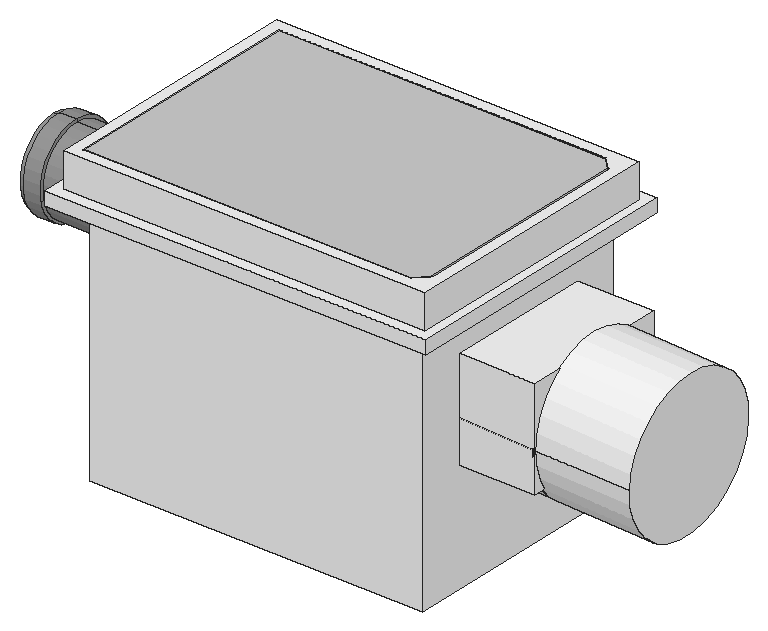
Revit family "HL_Трап для подвалов_HL77.1", category Instalační zařizovací předměty, Revit 2016
Family settings
  Typ součásti = Normální
  Kóta kulaté spojky = Použít průměr
  Číslo OmniClass = 23.70.50.21.24.14
  Nadpis OmniClass = Deck Waste Water Drains
  Založené na pracovní rovině = Ne
  Vždy vertikální = Ano
  Ořezat dutým tvarem při načtení = Ne
  Sdílené = Ano
  Bod výpočtu místnosti = Ano
Parameters (values of type "HL_Трап для подвалов_HL77.1")
  РЕШЁТКА = "250x180mm/ ABS"
  РАЗМЕР = "DN110"
  ПРОПУСКНАЯ СПОСОБНОСТЬ [instance] = 0.0 L/s
  ПРОИЗВОДИТЕЛЬНОСТЬ = "1,58 l/s"
  ПРИЁМНОЕ ОТВЕРСТИЕ = "DN50"
  ПРАВОВАЯ ИНФОРМАЦИЯ = "\"Авторские права(©), права на дизайн или какие либо другие права интелектуальной собственности являются исключительной собственностью компании HL Hutterer & Lechner. Изменению не подлежит. Файл семейства с данными о прозводителе изделия защищен паролем с водяным знаком.\""
  ПАДЕНИЕ ДАВЛЕНИЯ [instance] = 0.0 Pa
  НОМИНАЛЬНЫЙ ДИАМЕТР 2 [instance] = 50 mm
  НОМИНАЛЬНЫЙ ДИАМЕТР = 110 mm
  МАТЕРИАЛ = "ABS"
  МАКСИМАЛЬНАЯ НАГРУЗКА КЛАССА = "K3 - 300 kg"
  ВЫСОТА МОНТАЖА = "220 mm"
  ВЕС = "2,885 kg"
  Připojení ventilace = no
  Výrobce = "HL Hutterer & Lechner GmbH"
  URL = "http://www.hutterer-lechner.com/ru/products/catalog/roof-drains/HL77.1.aspx"
  Připojení odpadu = yes
  Připojení HW = no
  Popis = "Трап для подвалов"
  Model = "HL77.1"
  Komentáře k typům = "Трап для подвалов DN110 горизонтальный с дополнительным отводом DN50, с тройным обратным клапаном, 2 х 180х125мм синтетический материал"
  Keynote = "HL77.1"
  Высота монтажа [instance] = 0 mm
  Připojení CW = no
  FO [instance] = FI1 + ПРОПУСКНАЯ СПОСОБНОСТЬ  # 0.0 L/s
  FI1 [instance] = 0.0 L/s
  EAN = "9003076710775"
  D2 [instance] = 220 mm
  D1 [instance] = 250.3 mm
  D [instance] = Высота монтажа + 56.6 mm  # 56.6 mm
  C [instance] = Высота монтажа + 80 mm  # 80 mm
  B [instance] = Высота монтажа + 110 mm  # 110 mm
  A [instance] = if(B - 100 mm > 15 mm, B - 100 mm, 15 mm)  # 15 mm
Reference planes
  plane 1 "Center (Front/Back)": y = 0
  plane 2: z = 0
  plane 3 "Center (Left/Right)": x = 0
  plane 4 "Ball Joint Vertical": x = 25.45
  plane 5: z = 0
  plane 6: z = -110
Lines and regions (mm)
  model lines, style "InvisibleLines"
    curve 1: line (0, 0, 0) -> (0, 0, 560)
  reference lines
    curve 2: line (220.3, 0, -110) -> (250.3, 0, -110)
    curve 6: line (-39, 0, -80) -> (-220, 0, -80)
  model lines, detail levels coarse+medium
    curve 3: line (0, 0, -110) -> (0, 0, -95)
    curve 4: line (0, 0, -95) -> (95, 0, 0)
    curve 5: line (0, 0, -95) -> (-95, 0, 0)
    curve 7: line (0, 0, -110) -> (250.3, 0, -110)
  symbolic lines, style "PlumbingFixtures", detail levels coarse+medium
    curve 8: line (-75, 75, 0) -> (75, 75, 0)
    curve 9: line (-75, -75, 0) -> (-75, 75, 0)
    curve 10: line (75, -75, 0) -> (-75, -75, 0)
    curve 11: line (75, 75, 0) -> (75, -75, 0)
    curve 12: line (-75, 75, 0) -> (-145.711, 145.711, 0)
    curve 13: line (75, 75, 0) -> (145.711, 145.711, 0)
    curve 14: line (-75, -75, 0) -> (-145.711, -145.711, 0)
    curve 15: line (75, -75, 0) -> (145.711, -145.711, 0)
  symbolic lines, style "PlumbingFixtures", not visible, detail levels coarse+medium
    curve 16: line (-75, 75, 0) -> (75, 75, 0)
    curve 17: line (-75, -75, 0) -> (-75, 75, 0)
    curve 18: line (75, -75, 0) -> (-75, -75, 0)
    curve 19: line (75, 75, 0) -> (75, -75, 0)
    curve 20: line (-75, 75, 0) -> (-145.711, 145.711, 0)
    curve 21: line (75, 75, 0) -> (145.711, 145.711, 0)
    curve 22: line (-75, -75, 0) -> (-145.711, -145.711, 0)
    curve 23: line (75, -75, 0) -> (145.711, -145.711, 0)
Text (mm)
  text "FLOOR" at (-198.233, 0, -26.556), in view "вид строительства"
Dimensions and locks
  locked: plane 4 "Ball Joint Vertical" to plane 3 "Center (Left/Right)" at 25.45
  "Высота монтажа": plane 2 to plane 5
  "A": curve 5 to plane 6
  "B": curve 5 to plane 6
  "B": curve 4 to plane 6
  "B": plane 2 to plane 6
  "C": plane 2 to curve 6
  "B": plane 2 to curve 7
  "D2": plane 3 "Center (Left/Right)" to curve 6
  "D1": curve 2 to plane 3 "Center (Left/Right)"
  "D1": curve 7 to plane 3 "Center (Left/Right)"
  locked: curve 4 to plane 3 "Center (Left/Right)" (angle 45.00°)
  locked: plane 3 "Center (Left/Right)" to curve 5 (angle 45.00°)
  aligned and locked: level to plane 2
  aligned and locked: plane 2 to curve 1
  aligned and locked: plane 3 "Center (Left/Right)" to curve 1
  aligned and locked: plane 3 "Center (Left/Right)" to curve 5
  aligned and locked: plane 6 to curve 2
  aligned and locked: plane 5 to nested 1
  aligned and locked: plane 3 "Center (Left/Right)" to nested 1
  aligned and locked: plane 3 "Center (Left/Right)" to nested 2
  aligned and locked: plane 2 to nested 2
Automatic sketch dimensions
  level to curve 1 = 560 mm
  curve 6 to plane 3 "Center (Left/Right)" = 39 mm
  curve 2 to curve 2 = 30 mm
Nested families
  nested 1: "HL-Трап для подвалов-HL77.1" at (0, 0, 0), type "HL-Трап для подвалов-HL77.1"
  nested 2: "HL-Решетка из ПП-HL077.1E" at (0, 0, 0), type "HL-Решетка из ПП-HL077.1E"
Connectors
  piping at (250.3, 0, -110), diameter 110, driven by "НОМИНАЛЬНЫЙ ДИАМЕТР", driven by "FO"
    settings: on curve 2, index 1, connector inside diameter 609.6 mm, connector length 0 mm, flow factor 0, pipe flow 0.0 L/s, pressure drop 0.0 Pa, fitting loss kfactor 0, connector angle 0.00°, fixture units 0, engagement length 0 mm, angle of deflection 0.00°, flow configuration 1, flow direction 2, fitting loss method 0, system type 16, joint type 0, gender type 0, connector reference index 2, connector utility 0, adjustable connector yes, is connector primary no, connector description ""
  piping at (-220, 0, -80), diameter 50, driven by "НОМИНАЛЬНЫЙ ДИАМЕТР 2", driven by "ПАДЕНИЕ ДАВЛЕНИЯ", driven by "FI1"
    settings: on curve 6, index 2, connector inside diameter 609.6 mm, connector length 0 mm, flow factor 1, pipe flow 0.0 L/s, pressure drop 0.0 Pa, fitting loss kfactor 0, connector angle 0.00°, fixture units 0, engagement length 0 mm, angle of deflection 0.00°, flow configuration 2, flow direction 1, fitting loss method 0, system type 16, joint type 0, gender type 0, connector reference index 1, connector utility 0, adjustable connector yes, is connector primary yes, connector description ""
Definition of nested family "HL-Трап для подвалов-HL77.1"
  Parameters (values of type "HL-Трап для подвалов-HL77.1")
    Manufacturer = ""
    URL = ""
    Description = ""
    Model = ""
    Type Comments = ""
    Cost = 0
  Reference planes
    plane 1 "Střed (vpředu/vzadu)": y = 0
    plane 2: z = 0
    plane 3 "Střed (vlevo/vpravo)": x = 0
  Forms (mm)
    Extrusion 1, solid, detail levels fine
      sketch origin (-5, 0, 0) x (-1, 0, 0) y (0, -1, 0)
        loop
          line (-139, 99) -> (-139, -99) -> (129, -99) -> (129, 99) -> (-139, 99)
        loop
          line (121, -91) -> (121, 91) -> (-121, 91) -> (-131, 81) -> (-131, -81) -> (-121, -91) -> (121, -91)
      from 0 to -25
    Extrusion 2, solid, detail levels fine
      sketch origin (-5, 0, -25) x (0, -1, 0) y (-1, 0, 0)
        loop
          line (-107, -146) -> (107, -146) -> (107, 136) -> (-107, 136) -> (-107, -146)
      from 0 to 10
    Extrusion 3, solid, detail levels fine
      sketch origin (-5, 0, -35) x (1, 0, 0) y (0, -1, 0)
        loop
          line (-118.5, 88) -> (-118.5, -88) -> (128.5, -88) -> (128.5, 88) -> (-118.5, 88)
      from 0 to 185
    Revolve 4, solid, detail levels fine
      sketch origin (-5, 0, 0) x (-1, 0, 0) y (0, 0, 1)
        loop
          line (215, -80) -> (215, -48.5) -> (211, -48.5) -> (211, -46.533) -> (198.5, -46.533) -> (198.5, -48.5) -> (143.04, -48.5) -> (143.04, -42.593) -> (118.5, -42.593) -> (118.5, -80) -> (215, -80)
        axis (118.5, -80) -> (215, -80)
      angle from 0 to 360
    Extrusion 5, solid, detail levels fine
      sketch origin (123.335, -86, -35.077) x (0, -1, 0) y (0, 0, -1)
        loop
          line (-141, 102) -> (-141, 28) -> (-31, 28) -> (-31, 102) -> (-141, 102)
      from 0.165 to 57
    Sweep 6, solid, detail levels fine
      path origin (-0.165, 0, -0.077) x (1, 0, 0) y (0, 0, 1)
        loop
          line (248.585, -164.848) -> (177.031, -162.349)
      profile origin (212.643, 0, -163.676) x (-0.034899, 0, -0.999391) y (0, -1, 0)
        loop
          circle (-55, 0) r 55
    Sweep 7, solid, detail levels fine
      path origin (-0.165, 0, -0.077) x (1, 0, 0) y (0, 0, 1)
        loop
          line (177.031, -162.349) -> (107.073, -159.906)
      profile origin (141.887, 0, -161.205) x (-0.034899, 0, -0.999391) y (0, -1, 0)
        loop
          line (-55, 55) -> (-55, -55)
          arc (-55, -55) -> (0, 0) -> (-55, 55) r 55
  Dimensions and locks
    aligned and locked: level to plane 2
Definition of nested family "HL-Решетка из ПП-HL077.1E"
  Parameters (values of type "HL-Решетка из ПП-HL077.1E")
    РАЗМЕР = "250x180mm"
    ПРАВОВАЯ ИНФОРМАЦИЯ = "\"Авторские права(©), права на дизайн или какие либо другие права интелектуальной собственности являются исключительной собственностью компании HL Hutterer & Lechner. Изменению не подлежит. Файл семейства с данными о прозводителе изделия защищен паролем с водяным знаком.\""
    МАТЕРИАЛ = "ABS"
    МАКСИМАЛЬНАЯ НАГРУЗКА КЛАССА = "K3 - 300kg"
    ВЕС = "0,474 kg"
    Manufacturer = "HL Hutterer & Lechner GmbH"
    URL = "http://www.hutterer-lechner.com/ru/products/catalog/roof-drains/HL077.1E.aspx"
    Description = "Вспомогательные материалы"
    Model = "HL077.1E"
    Type Comments = "Решетка из ПП 180х125мм с отверстием для ухода 180х125мм"
    Keynote = "HL077.1E"
    EAN = "9003076007714"
    Cost = 0
  Values of the unnamed type that differ from the named types
    ПРАВОВАЯ ИНФОРМАЦИЯ = "\"Copyright (©), design rights or any other intellectual property rights, shall be the exclusive property of HL Hutterer & Lechner GmbH. Modification is not allowed. Family has been watermarked.\""
    URL = "http://www.hutterer-lechner.com/en/products/catalog/roof-drains/HL077.1E.aspx"
    Description = "Attachments"
    Type Comments = "plastic grate 180x125mm and cleaning eye 180x125mm"
  Reference planes
    plane 1 "Střed (vpředu/vzadu)": y = 0
    plane 2: z = 0
    plane 3 "Střed (vlevo/vpravo)": x = 0
  Forms (mm)
    Extrusion 1, solid, detail levels fine
      sketch origin (0, 0, 0) x (1, 0, 0) y (0, 1, 0)
        loop
          line (-125, 90) -> (-125, -90) -> (116, -90) -> (125, -81) -> (125, 81) -> (116, 90) -> (-125, 90)
      from 0 to -25
  Lines and regions (mm)
    model lines, detail levels fine
      curve 1: line (-114.5, 12, 0) -> (-106.5, 12, 0)
      curve 2: line (-114.5, 78, 0) -> (-114.5, 12, 0)
      curve 3: line (-106.5, 78, 0) -> (-114.5, 78, 0)
      curve 4: line (-106.5, 12, 0) -> (-106.5, 78, 0)
      curve 5: line (-98.5, 12, 0) -> (-90.5, 12, 0)
      curve 6: line (-98.5, 78, 0) -> (-98.5, 12, 0)
      curve 7: line (-90.5, 78, 0) -> (-98.5, 78, 0)
      curve 8: line (-90.5, 12, 0) -> (-90.5, 78, 0)
      curve 9: line (-82.5, 12, 0) -> (-74.5, 12, 0)
      curve 10: line (-82.5, 78, 0) -> (-82.5, 12, 0)
      curve 11: line (-74.5, 78, 0) -> (-82.5, 78, 0)
      curve 12: line (-74.5, 12, 0) -> (-74.5, 78, 0)
      curve 13: line (-66.5, 12, 0) -> (-58.5, 12, 0)
      curve 14: line (-66.5, 78, 0) -> (-66.5, 12, 0)
      curve 15: line (-58.5, 78, 0) -> (-66.5, 78, 0)
      curve 16: line (-58.5, 12, 0) -> (-58.5, 78, 0)
      curve 17: line (-50.5, 12, 0) -> (-42.5, 12, 0)
      curve 18: line (-50.5, 78, 0) -> (-50.5, 12, 0)
      curve 19: line (-42.5, 78, 0) -> (-50.5, 78, 0)
      curve 20: line (-42.5, 12, 0) -> (-42.5, 78, 0)
      curve 21: line (-34.5, 12, 0) -> (-26.5, 12, 0)
      curve 22: line (-34.5, 78, 0) -> (-34.5, 12, 0)
      curve 23: line (-26.5, 78, 0) -> (-34.5, 78, 0)
      curve 24: line (-26.5, 12, 0) -> (-26.5, 78, 0)
      curve 25: line (-18.5, 12, 0) -> (-10.5, 12, 0)
      curve 26: line (-18.5, 78, 0) -> (-18.5, 12, 0)
      curve 27: line (-10.5, 78, 0) -> (-18.5, 78, 0)
      curve 28: line (-10.5, 12, 0) -> (-10.5, 78, 0)
      curve 29: line (74.5, 8, 0) -> (74.5, 1.25, 0)
      curve 30: line (74.5, 1.25, 0) -> (50.5, 1.25, 0)
      curve 31: line (50.5, 1.25, 0) -> (50.5, 8, 0)
      curve 32: arc (50.5, 8, 0) -> (62.5, 20, 0) -> (74.5, 8, 0) r 12
      curve 33: line (-114.5, -12, 0) -> (-106.5, -12, 0)
      curve 34: line (-114.5, -78, 0) -> (-114.5, -12, 0)
      curve 35: line (-106.5, -78, 0) -> (-114.5, -78, 0)
      curve 36: line (-106.5, -12, 0) -> (-106.5, -78, 0)
      curve 37: line (-98.5, -12, 0) -> (-90.5, -12, 0)
      curve 38: line (-98.5, -78, 0) -> (-98.5, -12, 0)
      curve 39: line (-90.5, -78, 0) -> (-98.5, -78, 0)
      curve 40: line (-90.5, -12, 0) -> (-90.5, -78, 0)
      curve 41: line (-82.5, -12, 0) -> (-74.5, -12, 0)
      curve 42: line (-82.5, -78, 0) -> (-82.5, -12, 0)
      curve 43: line (-74.5, -78, 0) -> (-82.5, -78, 0)
      curve 44: line (-74.5, -12, 0) -> (-74.5, -78, 0)
      curve 45: line (-66.5, -12, 0) -> (-58.5, -12, 0)
      curve 46: line (-66.5, -78, 0) -> (-66.5, -12, 0)
      curve 47: line (-58.5, -78, 0) -> (-66.5, -78, 0)
      curve 48: line (-58.5, -12, 0) -> (-58.5, -78, 0)
      curve 49: line (-50.5, -12, 0) -> (-42.5, -12, 0)
      curve 50: line (-50.5, -78, 0) -> (-50.5, -12, 0)
      curve 51: line (-42.5, -78, 0) -> (-50.5, -78, 0)
      curve 52: line (-42.5, -12, 0) -> (-42.5, -78, 0)
      curve 53: line (-34.5, -12, 0) -> (-26.5, -12, 0)
      curve 54: line (-34.5, -78, 0) -> (-34.5, -12, 0)
      curve 55: line (-26.5, -78, 0) -> (-34.5, -78, 0)
      curve 56: line (-26.5, -12, 0) -> (-26.5, -78, 0)
      curve 57: line (-18.5, -12, 0) -> (-10.5, -12, 0)
      curve 58: line (-18.5, -78, 0) -> (-18.5, -12, 0)
      curve 59: line (-10.5, -78, 0) -> (-18.5, -78, 0)
      curve 60: line (-10.5, -12, 0) -> (-10.5, -78, 0)
      curve 61: line (74.5, -8, 0) -> (74.5, -1.25, 0)
      curve 62: line (74.5, -1.25, 0) -> (50.5, -1.25, 0)
      curve 63: line (50.5, -1.25, 0) -> (50.5, -8, 0)
      curve 64: arc (50.5, -8, 0) -> (62.5, -20, 0) -> (74.5, -8, 0) r 12
  Dimensions and locks
    aligned and locked: level to plane 2
